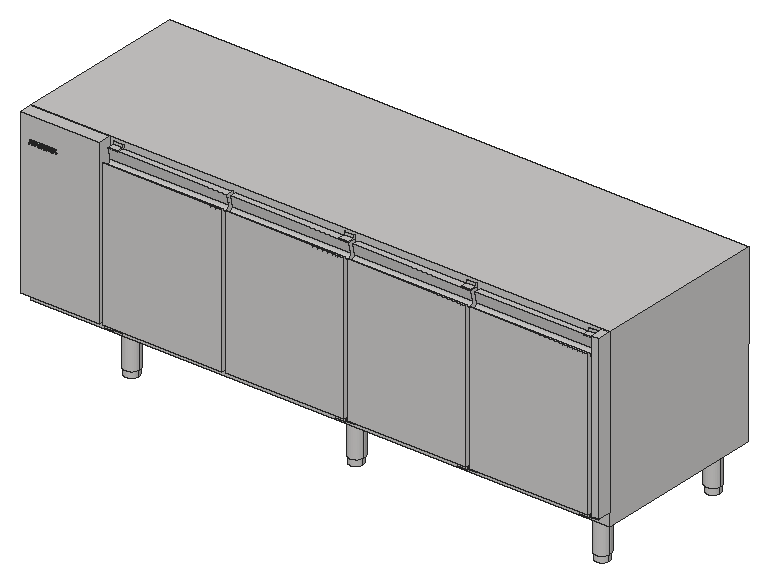
Revit family "QF_ALPENINOX_721160_AA4R7AAAA", category Attrezzature speciali, Revit 2018 (continued)
Definition of nested family "HP_APX_BI_TN_L"
  Lines and regions (mm)
    Split face 120
      outline origin (330, -951.3, 50) x (1, 0, 0) y (0, 1, 0)
        loop
          arc (-328.464, 657.474) -> (-332.464, 653.474) -> (-328.464, 649.474) r 4
          line (-328.464, 649.474) -> (-286.464, 649.474)
          arc (-286.464, 649.474) -> (-282.464, 653.474) -> (-286.464, 657.474) r 4
          line (-286.464, 657.474) -> (-328.464, 657.474)
    Split face 121
      outline origin (110, -951.3, 50) x (1, 0, 0) y (0, 1, 0)
        loop
          arc (-218.464, 657.474) -> (-222.464, 653.474) -> (-218.464, 649.474) r 4
          line (-218.464, 649.474) -> (-176.464, 649.474)
          arc (-176.464, 649.474) -> (-172.464, 653.474) -> (-176.464, 657.474) r 4
          line (-176.464, 657.474) -> (-218.464, 657.474)
    Split face 122
      outline origin (220, -951.3, 50) x (1, 0, 0) y (0, 1, 0)
        loop
          arc (-273.464, 657.474) -> (-277.464, 653.474) -> (-273.464, 649.474) r 4
          line (-273.464, 649.474) -> (-231.464, 649.474)
          arc (-231.464, 649.474) -> (-227.464, 653.474) -> (-231.464, 657.474) r 4
          line (-231.464, 657.474) -> (-273.464, 657.474)
    Split face 123
      outline origin (0, -975.3, 50) x (1, 0, 0) y (0, 1, 0)
        loop
          arc (-163.464, 669.474) -> (-167.464, 665.474) -> (-163.464, 661.474) r 4
          line (-163.464, 661.474) -> (-121.464, 661.474)
          arc (-121.464, 661.474) -> (-117.464, 665.474) -> (-121.464, 669.474) r 4
          line (-121.464, 669.474) -> (-163.464, 669.474)
    Split face 124
      outline origin (330, -975.3, 50) x (1, 0, 0) y (0, 1, 0)
        loop
          arc (-328.464, 669.474) -> (-332.464, 665.474) -> (-328.464, 661.474) r 4
          line (-328.464, 661.474) -> (-286.464, 661.474)
          arc (-286.464, 661.474) -> (-282.464, 665.474) -> (-286.464, 669.474) r 4
          line (-286.464, 669.474) -> (-328.464, 669.474)
    Split face 125
      outline origin (110, -975.3, 50) x (1, 0, 0) y (0, 1, 0)
        loop
          arc (-218.464, 669.474) -> (-222.464, 665.474) -> (-218.464, 661.474) r 4
          line (-218.464, 661.474) -> (-176.464, 661.474)
          arc (-176.464, 661.474) -> (-172.464, 665.474) -> (-176.464, 669.474) r 4
          line (-176.464, 669.474) -> (-218.464, 669.474)
    Split face 126
      outline origin (220, -975.3, 50) x (1, 0, 0) y (0, 1, 0)
        loop
          arc (-273.464, 669.474) -> (-277.464, 665.474) -> (-273.464, 661.474) r 4
          line (-273.464, 661.474) -> (-231.464, 661.474)
          arc (-231.464, 661.474) -> (-227.464, 665.474) -> (-231.464, 669.474) r 4
          line (-231.464, 669.474) -> (-273.464, 669.474)
    Split face 127
      outline origin (0, -999.3, 50) x (1, 0, 0) y (0, 1, 0)
        loop
          arc (-163.464, 681.474) -> (-167.464, 677.474) -> (-163.464, 673.474) r 4
          line (-163.464, 673.474) -> (-121.464, 673.474)
          arc (-121.464, 673.474) -> (-117.464, 677.474) -> (-121.464, 681.474) r 4
          line (-121.464, 681.474) -> (-163.464, 681.474)
    Split face 128
      outline origin (330, -999.3, 50) x (1, 0, 0) y (0, 1, 0)
        loop
          arc (-328.464, 681.474) -> (-332.464, 677.474) -> (-328.464, 673.474) r 4
          line (-328.464, 673.474) -> (-286.464, 673.474)
          arc (-286.464, 673.474) -> (-282.464, 677.474) -> (-286.464, 681.474) r 4
          line (-286.464, 681.474) -> (-328.464, 681.474)
    Split face 129
      outline origin (110, -999.3, 50) x (1, 0, 0) y (0, 1, 0)
        loop
          arc (-218.464, 681.474) -> (-222.464, 677.474) -> (-218.464, 673.474) r 4
          line (-218.464, 673.474) -> (-176.464, 673.474)
          arc (-176.464, 673.474) -> (-172.464, 677.474) -> (-176.464, 681.474) r 4
          line (-176.464, 681.474) -> (-218.464, 681.474)
    Split face 130
      outline origin (220, -999.3, 50) x (1, 0, 0) y (0, 1, 0)
        loop
          arc (-273.464, 681.474) -> (-277.464, 677.474) -> (-273.464, 673.474) r 4
          line (-273.464, 673.474) -> (-231.464, 673.474)
          arc (-231.464, 673.474) -> (-227.464, 677.474) -> (-231.464, 681.474) r 4
          line (-231.464, 681.474) -> (-273.464, 681.474)
    Split face 131
      outline origin (0, -1023.3, 50) x (1, 0, 0) y (0, 1, 0)
        loop
          arc (-163.464, 693.474) -> (-167.464, 689.474) -> (-163.464, 685.474) r 4
          line (-163.464, 685.474) -> (-121.464, 685.474)
          arc (-121.464, 685.474) -> (-117.464, 689.474) -> (-121.464, 693.474) r 4
          line (-121.464, 693.474) -> (-163.464, 693.474)
    Split face 132
      outline origin (330, -1023.3, 50) x (1, 0, 0) y (0, 1, 0)
        loop
          arc (-328.464, 693.474) -> (-332.464, 689.474) -> (-328.464, 685.474) r 4
          line (-328.464, 685.474) -> (-286.464, 685.474)
          arc (-286.464, 685.474) -> (-282.464, 689.474) -> (-286.464, 693.474) r 4
          line (-286.464, 693.474) -> (-328.464, 693.474)
    Split face 133
      outline origin (110, -1023.3, 50) x (1, 0, 0) y (0, 1, 0)
        loop
          arc (-218.464, 693.474) -> (-222.464, 689.474) -> (-218.464, 685.474) r 4
          line (-218.464, 685.474) -> (-176.464, 685.474)
          arc (-176.464, 685.474) -> (-172.464, 689.474) -> (-176.464, 693.474) r 4
          line (-176.464, 693.474) -> (-218.464, 693.474)
    Split face 134
      outline origin (220, -1023.3, 50) x (1, 0, 0) y (0, 1, 0)
        loop
          arc (-273.464, 693.474) -> (-277.464, 689.474) -> (-273.464, 685.474) r 4
          line (-273.464, 685.474) -> (-231.464, 685.474)
          arc (-231.464, 685.474) -> (-227.464, 689.474) -> (-231.464, 693.474) r 4
          line (-231.464, 693.474) -> (-273.464, 693.474)
    symbolic lines
      curve 1: line (87.08, -49, 50) -> (87.08, -49, 0)
  Dimensions and locks
    equal spacing: plane 6, plane 1 "Center (Front/Back)", plane 7
    equal spacing: plane 4, plane 3 "Center (Left/Right)", plane 5
    aligned and locked: plane 2 to Extrusion 1
    aligned and locked: level to Extrusion 1
  Automatic sketch dimensions
    Split face 5 sketch curve to Split face 5 sketch curve = 42 mm
    Split face 5 sketch curve to Split face 5 sketch curve = 4 mm
    Split face 6 sketch curve to Split face 6 sketch curve = 42 mm
    Split face 6 sketch curve to Split face 6 sketch curve = 4 mm
    Split face 7 sketch curve to Split face 7 sketch curve = 42 mm
    Split face 7 sketch curve to Split face 7 sketch curve = 4 mm
    Split face 8 sketch curve to Split face 8 sketch curve = 42 mm
    Split face 8 sketch curve to Split face 8 sketch curve = 4 mm
    Split face 9 sketch curve to Split face 9 sketch curve = 42 mm
    Split face 9 sketch curve to Split face 9 sketch curve = 4 mm
    Split face 10 sketch curve to Split face 10 sketch curve = 42 mm
    Split face 10 sketch curve to Split face 10 sketch curve = 4 mm
    Split face 11 sketch curve to Split face 11 sketch curve = 42 mm
    Split face 11 sketch curve to Split face 11 sketch curve = 4 mm
    Split face 12 sketch curve to Split face 12 sketch curve = 42 mm
    Split face 12 sketch curve to Split face 12 sketch curve = 4 mm
    Split face 13 sketch curve to Split face 13 sketch curve = 42 mm
    Split face 13 sketch curve to Split face 13 sketch curve = 4 mm
    Split face 14 sketch curve to Split face 14 sketch curve = 42 mm
    Split face 14 sketch curve to Split face 14 sketch curve = 4 mm
    Split face 15 sketch curve to Split face 15 sketch curve = 42 mm
    Split face 15 sketch curve to Split face 15 sketch curve = 4 mm
    Split face 16 sketch curve to Split face 16 sketch curve = 42 mm
    Split face 16 sketch curve to Split face 16 sketch curve = 4 mm
    Split face 17 sketch curve to Split face 17 sketch curve = 42 mm
    Split face 17 sketch curve to Split face 17 sketch curve = 4 mm
    Split face 18 sketch curve to Split face 18 sketch curve = 42 mm
    Split face 18 sketch curve to Split face 18 sketch curve = 4 mm
    Split face 19 sketch curve to Split face 19 sketch curve = 42 mm
    Split face 19 sketch curve to Split face 19 sketch curve = 4 mm
    Split face 20 sketch curve to Split face 20 sketch curve = 42 mm
    Split face 20 sketch curve to Split face 20 sketch curve = 4 mm
    Split face 21 sketch curve to Split face 21 sketch curve = 42 mm
    Split face 21 sketch curve to Split face 21 sketch curve = 4 mm
    Split face 22 sketch curve to Split face 22 sketch curve = 42 mm
    Split face 22 sketch curve to Split face 22 sketch curve = 4 mm
    Split face 23 sketch curve to Split face 23 sketch curve = 42 mm
    Split face 23 sketch curve to Split face 23 sketch curve = 4 mm
    Split face 24 sketch curve to Split face 24 sketch curve = 42 mm
    Split face 24 sketch curve to Split face 24 sketch curve = 4 mm
    Split face 25 sketch curve to Split face 25 sketch curve = 42 mm
    Split face 25 sketch curve to Split face 25 sketch curve = 4 mm
    Split face 26 sketch curve to Split face 26 sketch curve = 42 mm
    Split face 26 sketch curve to Split face 26 sketch curve = 4 mm
    Split face 27 sketch curve to Split face 27 sketch curve = 42 mm
    Split face 27 sketch curve to Split face 27 sketch curve = 4 mm
    Split face 28 sketch curve to Split face 28 sketch curve = 42 mm
    Split face 28 sketch curve to Split face 28 sketch curve = 4 mm
    Split face 29 sketch curve to Split face 29 sketch curve = 42 mm
    Split face 29 sketch curve to Split face 29 sketch curve = 4 mm
    Split face 30 sketch curve to Split face 30 sketch curve = 42 mm
    Split face 30 sketch curve to Split face 30 sketch curve = 4 mm
    Split face 31 sketch curve to Split face 31 sketch curve = 42 mm
    Split face 31 sketch curve to Split face 31 sketch curve = 4 mm
    Split face 32 sketch curve to Split face 32 sketch curve = 42 mm
    Split face 32 sketch curve to Split face 32 sketch curve = 4 mm
    Split face 33 sketch curve to Split face 33 sketch curve = 42 mm
    Split face 33 sketch curve to Split face 33 sketch curve = 4 mm
    Split face 34 sketch curve to Split face 34 sketch curve = 42 mm
    Split face 34 sketch curve to Split face 34 sketch curve = 4 mm
    Split face 35 sketch curve to Split face 35 sketch curve = 42 mm
    Split face 35 sketch curve to Split face 35 sketch curve = 4 mm
    Split face 36 sketch curve to Split face 36 sketch curve = 42 mm
    Split face 36 sketch curve to Split face 36 sketch curve = 4 mm
    Split face 37 sketch curve to Split face 37 sketch curve = 42 mm
    Split face 37 sketch curve to Split face 37 sketch curve = 4 mm
    Split face 38 sketch curve to Split face 38 sketch curve = 42 mm
    Split face 38 sketch curve to Split face 38 sketch curve = 4 mm
    Split face 39 sketch curve to Split face 39 sketch curve = 42 mm
    Split face 39 sketch curve to Split face 39 sketch curve = 4 mm
    Split face 40 sketch curve to Split face 40 sketch curve = 42 mm
    Split face 40 sketch curve to Split face 40 sketch curve = 4 mm
    Split face 41 sketch curve to Split face 41 sketch curve = 42 mm
    Split face 41 sketch curve to Split face 41 sketch curve = 4 mm
    Split face 42 sketch curve to Split face 42 sketch curve = 42 mm
    Split face 42 sketch curve to Split face 42 sketch curve = 4 mm
    Split face 43 sketch curve to Split face 43 sketch curve = 42 mm
    Split face 43 sketch curve to Split face 43 sketch curve = 4 mm
    Split face 44 sketch curve to Split face 44 sketch curve = 42 mm
    Split face 44 sketch curve to Split face 44 sketch curve = 4 mm
    Split face 45 sketch curve to Split face 45 sketch curve = 42 mm
    Split face 45 sketch curve to Split face 45 sketch curve = 4 mm
    Split face 46 sketch curve to Split face 46 sketch curve = 42 mm
    Split face 46 sketch curve to Split face 46 sketch curve = 4 mm
    Split face 47 sketch curve to Split face 47 sketch curve = 42 mm
    Split face 47 sketch curve to Split face 47 sketch curve = 4 mm
    Split face 48 sketch curve to Split face 48 sketch curve = 42 mm
    Split face 48 sketch curve to Split face 48 sketch curve = 4 mm
    Split face 49 sketch curve to Split face 49 sketch curve = 42 mm
    Split face 49 sketch curve to Split face 49 sketch curve = 4 mm
    Split face 50 sketch curve to Split face 50 sketch curve = 42 mm
    Split face 50 sketch curve to Split face 50 sketch curve = 4 mm
    Split face 51 sketch curve to Split face 51 sketch curve = 42 mm
    Split face 51 sketch curve to Split face 51 sketch curve = 4 mm
    Split face 52 sketch curve to Split face 52 sketch curve = 42 mm
    Split face 52 sketch curve to Split face 52 sketch curve = 4 mm
    Split face 53 sketch curve to Split face 53 sketch curve = 42 mm
    Split face 53 sketch curve to Split face 53 sketch curve = 4 mm
    Split face 54 sketch curve to Split face 54 sketch curve = 42 mm
    Split face 54 sketch curve to Split face 54 sketch curve = 4 mm
    Split face 55 sketch curve to Split face 55 sketch curve = 42 mm
    Split face 55 sketch curve to Split face 55 sketch curve = 4 mm
    Split face 56 sketch curve to Split face 56 sketch curve = 42 mm
    Split face 56 sketch curve to Split face 56 sketch curve = 4 mm
    Split face 57 sketch curve to Split face 57 sketch curve = 42 mm
    Split face 57 sketch curve to Split face 57 sketch curve = 4 mm
    Split face 58 sketch curve to Split face 58 sketch curve = 42 mm
    Split face 58 sketch curve to Split face 58 sketch curve = 4 mm
    Split face 59 sketch curve to Split face 59 sketch curve = 42 mm
    Split face 59 sketch curve to Split face 59 sketch curve = 4 mm
    Split face 60 sketch curve to Split face 60 sketch curve = 42 mm
    Split face 60 sketch curve to Split face 60 sketch curve = 4 mm
    Split face 61 sketch curve to Split face 61 sketch curve = 42 mm
    Split face 61 sketch curve to Split face 61 sketch curve = 4 mm
    Split face 62 sketch curve to Split face 62 sketch curve = 42 mm
    Split face 62 sketch curve to Split face 62 sketch curve = 4 mm
    Split face 63 sketch curve to Split face 63 sketch curve = 42 mm
    Split face 63 sketch curve to Split face 63 sketch curve = 4 mm
    Split face 64 sketch curve to Split face 64 sketch curve = 42 mm
    Split face 64 sketch curve to Split face 64 sketch curve = 4 mm
    Split face 65 sketch curve to Split face 65 sketch curve = 42 mm
    Split face 65 sketch curve to Split face 65 sketch curve = 4 mm
    Split face 66 sketch curve to Split face 66 sketch curve = 42 mm
    Split face 66 sketch curve to Split face 66 sketch curve = 4 mm
    Split face 67 sketch curve to Split face 67 sketch curve = 42 mm
    Split face 67 sketch curve to Split face 67 sketch curve = 4 mm
    Split face 68 sketch curve to Split face 68 sketch curve = 42 mm
    Split face 68 sketch curve to Split face 68 sketch curve = 4 mm
    Split face 69 sketch curve to Split face 69 sketch curve = 42 mm
    Split face 69 sketch curve to Split face 69 sketch curve = 4 mm
    Split face 71 sketch curve to Split face 71 sketch curve = 42 mm
    Split face 71 sketch curve to Split face 71 sketch curve = 4 mm
    Split face 72 sketch curve to Split face 72 sketch curve = 42 mm
    Split face 72 sketch curve to Split face 72 sketch curve = 4 mm
    Split face 73 sketch curve to Split face 73 sketch curve = 42 mm
    Split face 73 sketch curve to Split face 73 sketch curve = 4 mm
    Split face 74 sketch curve to Split face 74 sketch curve = 42 mm
    Split face 74 sketch curve to Split face 74 sketch curve = 4 mm
    Split face 75 sketch curve to Split face 75 sketch curve = 42 mm
    Split face 75 sketch curve to Split face 75 sketch curve = 4 mm
    Split face 76 sketch curve to Split face 76 sketch curve = 42 mm
    Split face 76 sketch curve to Split face 76 sketch curve = 4 mm
    Split face 77 sketch curve to Split face 77 sketch curve = 42 mm
    Split face 77 sketch curve to Split face 77 sketch curve = 4 mm
    Split face 78 sketch curve to Split face 78 sketch curve = 42 mm
    Split face 78 sketch curve to Split face 78 sketch curve = 4 mm
    Split face 79 sketch curve to Split face 79 sketch curve = 42 mm
    Split face 79 sketch curve to Split face 79 sketch curve = 4 mm
    Split face 80 sketch curve to Split face 80 sketch curve = 42 mm
    Split face 80 sketch curve to Split face 80 sketch curve = 4 mm
    Split face 81 sketch curve to Split face 81 sketch curve = 42 mm
    Split face 81 sketch curve to Split face 81 sketch curve = 4 mm
    Split face 82 sketch curve to Split face 82 sketch curve = 42 mm
    Split face 82 sketch curve to Split face 82 sketch curve = 4 mm
    Split face 83 sketch curve to Split face 83 sketch curve = 42 mm
    Split face 83 sketch curve to Split face 83 sketch curve = 4 mm
    Split face 84 sketch curve to Split face 84 sketch curve = 42 mm
    Split face 84 sketch curve to Split face 84 sketch curve = 4 mm
    Split face 85 sketch curve to Split face 85 sketch curve = 42 mm
    Split face 85 sketch curve to Split face 85 sketch curve = 4 mm
    Split face 86 sketch curve to Split face 86 sketch curve = 42 mm
    Split face 86 sketch curve to Split face 86 sketch curve = 4 mm
    Split face 87 sketch curve to Split face 87 sketch curve = 42 mm
    Split face 87 sketch curve to Split face 87 sketch curve = 4 mm
    Split face 88 sketch curve to Split face 88 sketch curve = 42 mm
    Split face 88 sketch curve to Split face 88 sketch curve = 4 mm
    Split face 89 sketch curve to Split face 89 sketch curve = 42 mm
    Split face 89 sketch curve to Split face 89 sketch curve = 4 mm
    Split face 90 sketch curve to Split face 90 sketch curve = 42 mm
    Split face 90 sketch curve to Split face 90 sketch curve = 4 mm
    Split face 91 sketch curve to Split face 91 sketch curve = 42 mm
    Split face 91 sketch curve to Split face 91 sketch curve = 4 mm
    Split face 92 sketch curve to Split face 92 sketch curve = 42 mm
    Split face 92 sketch curve to Split face 92 sketch curve = 4 mm
    Split face 93 sketch curve to Split face 93 sketch curve = 42 mm
    Split face 93 sketch curve to Split face 93 sketch curve = 4 mm
    Split face 94 sketch curve to Split face 94 sketch curve = 42 mm
    Split face 94 sketch curve to Split face 94 sketch curve = 4 mm
    Split face 95 sketch curve to Split face 95 sketch curve = 42 mm
    Split face 95 sketch curve to Split face 95 sketch curve = 4 mm
    Split face 96 sketch curve to Split face 96 sketch curve = 42 mm
    Split face 96 sketch curve to Split face 96 sketch curve = 4 mm
    Split face 97 sketch curve to Split face 97 sketch curve = 42 mm
    Split face 97 sketch curve to Split face 97 sketch curve = 4 mm
    Split face 98 sketch curve to Split face 98 sketch curve = 42 mm
    Split face 98 sketch curve to Split face 98 sketch curve = 4 mm
    Split face 99 sketch curve to Split face 99 sketch curve = 42 mm
    Split face 99 sketch curve to Split face 99 sketch curve = 4 mm
    Split face 100 sketch curve to Split face 100 sketch curve = 42 mm
    Split face 100 sketch curve to Split face 100 sketch curve = 4 mm
    Split face 101 sketch curve to Split face 101 sketch curve = 42 mm
    Split face 101 sketch curve to Split face 101 sketch curve = 4 mm
    Split face 102 sketch curve to Split face 102 sketch curve = 42 mm
    Split face 102 sketch curve to Split face 102 sketch curve = 4 mm
    Split face 103 sketch curve to Split face 103 sketch curve = 42 mm
    Split face 103 sketch curve to Split face 103 sketch curve = 4 mm
    Split face 104 sketch curve to Split face 104 sketch curve = 42 mm
    Split face 104 sketch curve to Split face 104 sketch curve = 4 mm
    Split face 105 sketch curve to Split face 105 sketch curve = 42 mm
    Split face 105 sketch curve to Split face 105 sketch curve = 4 mm
    Split face 106 sketch curve to Split face 106 sketch curve = 42 mm
    Split face 106 sketch curve to Split face 106 sketch curve = 4 mm
    Split face 107 sketch curve to Split face 107 sketch curve = 42 mm
    Split face 107 sketch curve to Split face 107 sketch curve = 4 mm
    Split face 108 sketch curve to Split face 108 sketch curve = 42 mm
    Split face 108 sketch curve to Split face 108 sketch curve = 4 mm
    Split face 109 sketch curve to Split face 109 sketch curve = 42 mm
    Split face 109 sketch curve to Split face 109 sketch curve = 4 mm
    Split face 110 sketch curve to Split face 110 sketch curve = 42 mm
    Split face 110 sketch curve to Split face 110 sketch curve = 4 mm
    Split face 111 sketch curve to Split face 111 sketch curve = 42 mm
    Split face 111 sketch curve to Split face 111 sketch curve = 4 mm
    Split face 112 sketch curve to Split face 112 sketch curve = 42 mm
    Split face 112 sketch curve to Split face 112 sketch curve = 4 mm
    Split face 113 sketch curve to Split face 113 sketch curve = 42 mm
    Split face 113 sketch curve to Split face 113 sketch curve = 4 mm
    Split face 114 sketch curve to Split face 114 sketch curve = 42 mm
    Split face 114 sketch curve to Split face 114 sketch curve = 4 mm
    Split face 115 sketch curve to Split face 115 sketch curve = 42 mm
    Split face 115 sketch curve to Split face 115 sketch curve = 4 mm
    Split face 116 sketch curve to Split face 116 sketch curve = 42 mm
    Split face 116 sketch curve to Split face 116 sketch curve = 4 mm
    Split face 117 sketch curve to Split face 117 sketch curve = 42 mm
    Split face 117 sketch curve to Split face 117 sketch curve = 4 mm
    Split face 118 sketch curve to Split face 118 sketch curve = 42 mm
    Split face 118 sketch curve to Split face 118 sketch curve = 4 mm
    Split face 119 sketch curve to Split face 119 sketch curve = 42 mm
    Split face 119 sketch curve to Split face 119 sketch curve = 4 mm
    Split face 120 sketch curve to Split face 120 sketch curve = 42 mm
    Split face 120 sketch curve to Split face 120 sketch curve = 4 mm
    Split face 121 sketch curve to Split face 121 sketch curve = 42 mm
    Split face 121 sketch curve to Split face 121 sketch curve = 4 mm
    Split face 122 sketch curve to Split face 122 sketch curve = 42 mm
    Split face 122 sketch curve to Split face 122 sketch curve = 4 mm
    Split face 123 sketch curve to Split face 123 sketch curve = 42 mm
    Split face 123 sketch curve to Split face 123 sketch curve = 4 mm
    Split face 124 sketch curve to Split face 124 sketch curve = 42 mm
    Split face 124 sketch curve to Split face 124 sketch curve = 4 mm
    Split face 125 sketch curve to Split face 125 sketch curve = 42 mm
    Split face 125 sketch curve to Split face 125 sketch curve = 4 mm
    Split face 126 sketch curve to Split face 126 sketch curve = 42 mm
    Split face 126 sketch curve to Split face 126 sketch curve = 4 mm
    Split face 127 sketch curve to Split face 127 sketch curve = 42 mm
    Split face 127 sketch curve to Split face 127 sketch curve = 4 mm
    Split face 128 sketch curve to Split face 128 sketch curve = 42 mm
    Split face 128 sketch curve to Split face 128 sketch curve = 4 mm
    Split face 129 sketch curve to Split face 129 sketch curve = 42 mm
    Split face 129 sketch curve to Split face 129 sketch curve = 4 mm
    Split face 130 sketch curve to Split face 130 sketch curve = 42 mm
    Split face 130 sketch curve to Split face 130 sketch curve = 4 mm
    Split face 131 sketch curve to Split face 131 sketch curve = 42 mm
    Split face 131 sketch curve to Split face 131 sketch curve = 4 mm
    Split face 132 sketch curve to Split face 132 sketch curve = 42 mm
    Split face 132 sketch curve to Split face 132 sketch curve = 4 mm
    Split face 133 sketch curve to Split face 133 sketch curve = 42 mm
    Split face 133 sketch curve to Split face 133 sketch curve = 4 mm
    Split face 134 sketch curve to Split face 134 sketch curve = 42 mm
    Split face 134 sketch curve to Split face 134 sketch curve = 4 mm
    Extrusion 1 sketch curve to Extrusion 1 sketch curve = 2438.4 mm  (x2)
    Extrusion 2 sketch curve to plane 4 = 0 mm
    Extrusion 2 sketch curve to plane 5 = 0 mm
    Extrusion 2 sketch curve to plane 7 = 0 mm
    Extrusion 2 sketch curve to plane 6 = 0 mm
    Split face 1 sketch curve to Extrusion 2 = 0 mm  (x2)
    Split face 1 sketch curve to Extrusion 2 = 34 mm
    Split face 1 sketch curve to Extrusion 2 = 104 mm
    Split face 1 sketch curve to Split face 1 sketch curve = 17.5 mm
    Split face 2 sketch curve to Extrusion 2 = 130.5 mm
    Split face 2 sketch curve to Extrusion 2 = 60.5 mm
    Split face 2 sketch curve to Extrusion 2 = 98 mm
    Split face 2 sketch curve to Split face 2 sketch curve = 23 mm
    Split face 3 sketch curve to Extrusion 2 = 80.5 mm
    Split face 3 sketch curve to Split face 3 sketch curve = 17 mm  (x2)
    Split face 3 sketch curve to Extrusion 2 = 95 mm
    plane 4 to Extrusion 3 sketch curve = 34.51 mm
    Extrusion 3 sketch curve to Extrusion 3 sketch curve = 1.266 mm
    Extrusion 3 sketch curve to Extrusion 3 sketch curve = 1.307 mm
    Extrusion 3 sketch curve to Extrusion 3 sketch curve = 0.57 mm
    Extrusion 3 sketch curve to Extrusion 3 sketch curve = 0.593 mm
    Extrusion 3 sketch curve to Extrusion 3 sketch curve = 0.799 mm
    Extrusion 3 sketch curve to Extrusion 3 sketch curve = 1.99 mm  (x2)
    Extrusion 3 sketch curve to Extrusion 3 sketch curve = 0.003 mm
    Extrusion 3 sketch curve to Extrusion 3 sketch curve = 3.534 mm
    Extrusion 3 sketch curve to Extrusion 3 sketch curve = 0.835 mm
    Extrusion 3 sketch curve to Extrusion 3 sketch curve = 0.56 mm
    Extrusion 3 sketch curve to Extrusion 3 sketch curve = 1.268 mm
    Extrusion 3 sketch curve to Extrusion 3 sketch curve = 1.223 mm
    Extrusion 3 sketch curve to Extrusion 3 sketch curve = 1.344 mm
    Extrusion 3 sketch curve to Extrusion 3 sketch curve = 1.394 mm  (x2)
    Extrusion 3 sketch curve to Extrusion 3 sketch curve = 1.512 mm
    Extrusion 3 sketch curve to Extrusion 3 sketch curve = 3.309 mm
    Extrusion 3 sketch curve to Extrusion 3 sketch curve = 5.841 mm
    Extrusion 3 sketch curve to Extrusion 3 sketch curve = 1.393 mm
    Extrusion 3 sketch curve to Extrusion 3 sketch curve = 1.439 mm
    Extrusion 3 sketch curve to Extrusion 3 sketch curve = 0 mm  (x19)
    Extrusion 3 sketch curve to Extrusion 3 sketch curve = 1.902 mm
    Extrusion 3 sketch curve to Extrusion 3 sketch curve = 0.052 mm
    Extrusion 3 sketch curve to Extrusion 3 sketch curve = 2.065 mm
    Extrusion 3 sketch curve to Extrusion 3 sketch curve = 0.647 mm
    Extrusion 3 sketch curve to Extrusion 3 sketch curve = 8.079 mm
    Extrusion 3 sketch curve to Extrusion 3 sketch curve = 0.073 mm
    Extrusion 3 sketch curve to Extrusion 3 sketch curve = 2.145 mm
    Extrusion 3 sketch curve to Extrusion 3 sketch curve = 2.931 mm
    Extrusion 3 sketch curve to Extrusion 3 sketch curve = 0.213 mm
    Extrusion 3 sketch curve to Extrusion 3 sketch curve = 0.026 mm
    Extrusion 3 sketch curve to Extrusion 3 sketch curve = 0.263 mm
    Extrusion 3 sketch curve to Extrusion 3 sketch curve = 0.516 mm
    Extrusion 3 sketch curve to Extrusion 3 sketch curve = 0.356 mm
    Extrusion 3 sketch curve to Extrusion 3 sketch curve = 0.387 mm
    Extrusion 3 sketch curve to Extrusion 3 sketch curve = 2.378 mm
    Extrusion 3 sketch curve to Extrusion 3 sketch curve = 2.466 mm
    Extrusion 3 sketch curve to Extrusion 3 sketch curve = 0.602 mm
    Extrusion 3 sketch curve to Extrusion 3 sketch curve = 1.02 mm
    Extrusion 3 sketch curve to Extrusion 3 sketch curve = 0.949 mm
    Extrusion 3 sketch curve to Extrusion 3 sketch curve = 1.728 mm
    Extrusion 3 sketch curve to Extrusion 3 sketch curve = 0.157 mm  (x2)
    Extrusion 3 sketch curve to Extrusion 3 sketch curve = 0.292 mm
    Extrusion 3 sketch curve to Extrusion 3 sketch curve = 3.565 mm
    Extrusion 3 sketch curve to Extrusion 3 sketch curve = 1.396 mm  (x2)
    Extrusion 3 sketch curve to Extrusion 3 sketch curve = 1.418 mm  (x2)
    Extrusion 3 sketch curve to Extrusion 3 sketch curve = 1.151 mm  (x2)
    Extrusion 3 sketch curve to Extrusion 3 sketch curve = 5.709 mm  (x2)
    Extrusion 3 sketch curve to Extrusion 3 sketch curve = 0.224 mm  (x2)
    Extrusion 3 sketch curve to Extrusion 3 sketch curve = 1.149 mm  (x2)
    Extrusion 3 sketch curve to Extrusion 3 sketch curve = 1.395 mm  (x2)
    Extrusion 3 sketch curve to Extrusion 3 sketch curve = 1.744 mm
    Extrusion 3 sketch curve to Extrusion 3 sketch curve = 1.745 mm
    Extrusion 3 sketch curve to Extrusion 3 sketch curve = 6.963 mm
    Extrusion 3 sketch curve to Extrusion 3 sketch curve = 0.493 mm  (x3)
    Extrusion 3 sketch curve to Extrusion 3 sketch curve = 0.273 mm  (x2)
    Extrusion 3 sketch curve to Extrusion 3 sketch curve = 0.021 mm  (x2)
    Extrusion 3 sketch curve to Extrusion 3 sketch curve = 0.226 mm  (x2)
    Extrusion 3 sketch curve to Extrusion 3 sketch curve = 0.268 mm  (x2)
    Extrusion 3 sketch curve to Extrusion 3 sketch curve = 0.294 mm
    Extrusion 3 sketch curve to Extrusion 3 sketch curve = 5.238 mm
    Extrusion 3 sketch curve to Extrusion 3 sketch curve = 5.908 mm
    Extrusion 3 sketch curve to Extrusion 3 sketch curve = 1.109 mm  (x2)
    Extrusion 3 sketch curve to Extrusion 3 sketch curve = 1.108 mm  (x2)
    Extrusion 3 sketch curve to Extrusion 3 sketch curve = 1.142 mm  (x2)
    Extrusion 3 sketch curve to Extrusion 3 sketch curve = 1.216 mm  (x2)
    Extrusion 3 sketch curve to Extrusion 3 sketch curve = 3.013 mm
    Extrusion 3 sketch curve to Extrusion 3 sketch curve = 1.616 mm  (x3)
    Extrusion 3 sketch curve to Extrusion 3 sketch curve = 2.305 mm
    Extrusion 3 sketch curve to Extrusion 3 sketch curve = 3.049 mm
    Extrusion 3 sketch curve to plane 6 = 93.469 mm
    Extrusion 3 sketch curve to Extrusion 3 sketch curve = 0.498 mm
    Extrusion 3 sketch curve to Extrusion 3 sketch curve = 0.682 mm
    Extrusion 3 sketch curve to Extrusion 3 sketch curve = 0.664 mm
    Extrusion 3 sketch curve to Extrusion 3 sketch curve = 0.425 mm
    Extrusion 3 sketch curve to Extrusion 3 sketch curve = 0.41 mm
    Extrusion 3 sketch curve to Extrusion 3 sketch curve = 1.272 mm
    Extrusion 3 sketch curve to Extrusion 3 sketch curve = 0.789 mm  (x2)
    Extrusion 3 sketch curve to Extrusion 3 sketch curve = 0.056 mm
    Extrusion 3 sketch curve to Extrusion 3 sketch curve = 0.83 mm
    Extrusion 3 sketch curve to Extrusion 3 sketch curve = 1.238 mm
    Extrusion 3 sketch curve to Extrusion 3 sketch curve = 1.732 mm
    Extrusion 3 sketch curve to Extrusion 3 sketch curve = 0.346 mm
    Extrusion 3 sketch curve to Extrusion 3 sketch curve = 1.123 mm
    Extrusion 3 sketch curve to Extrusion 3 sketch curve = 3.023 mm
    Extrusion 3 sketch curve to Extrusion 3 sketch curve = 4.203 mm
    Extrusion 3 sketch curve to Extrusion 3 sketch curve = 3.452 mm  (x2)
    Extrusion 3 sketch curve to Extrusion 3 sketch curve = 2.544 mm
    Extrusion 3 sketch curve to Extrusion 3 sketch curve = 1.177 mm
    Extrusion 3 sketch curve to Extrusion 3 sketch curve = 3.261 mm
    Extrusion 3 sketch curve to Extrusion 3 sketch curve = 0.352 mm  (x2)
    Extrusion 3 sketch curve to Extrusion 3 sketch curve = 1.987 mm
    Extrusion 3 sketch curve to Extrusion 3 sketch curve = 0.171 mm
    Extrusion 3 sketch curve to Extrusion 3 sketch curve = 0.533 mm  (x3)
    Extrusion 3 sketch curve to Extrusion 3 sketch curve = 0.14 mm  (x4)
    Extrusion 3 sketch curve to Extrusion 3 sketch curve = 0.473 mm
    Extrusion 3 sketch curve to Extrusion 3 sketch curve = 0.31 mm  (x2)
    Extrusion 3 sketch curve to Extrusion 3 sketch curve = 0.075 mm
    Extrusion 3 sketch curve to Extrusion 3 sketch curve = 2.431 mm
    Extrusion 3 sketch curve to Extrusion 3 sketch curve = 2.32 mm  (x2)
    Extrusion 3 sketch curve to Extrusion 3 sketch curve = 1.992 mm
    Extrusion 3 sketch curve to Extrusion 3 sketch curve = 0.674 mm
    Extrusion 3 sketch curve to Extrusion 3 sketch curve = 0.732 mm
    Extrusion 3 sketch curve to Extrusion 3 sketch curve = 0.388 mm
    Extrusion 3 sketch curve to Extrusion 3 sketch curve = 0.121 mm
    Extrusion 3 sketch curve to Extrusion 3 sketch curve = 2.589 mm
    Extrusion 3 sketch curve to Extrusion 3 sketch curve = 0.662 mm
    Extrusion 3 sketch curve to Extrusion 3 sketch curve = 3.473 mm
    Extrusion 3 sketch curve to Extrusion 3 sketch curve = 0.681 mm
    Extrusion 3 sketch curve to Extrusion 3 sketch curve = 1.615 mm
    Extrusion 3 sketch curve to Extrusion 3 sketch curve = 0.34 mm
    Extrusion 3 sketch curve to Extrusion 3 sketch curve = 2.288 mm
    Extrusion 3 sketch curve to Extrusion 3 sketch curve = 0.942 mm
    Extrusion 3 sketch curve to Extrusion 3 sketch curve = 5.4 mm
    Extrusion 3 sketch curve to Extrusion 3 sketch curve = 1.768 mm  (x2)
    Extrusion 3 sketch curve to Extrusion 3 sketch curve = 0.761 mm
    Extrusion 3 sketch curve to Extrusion 3 sketch curve = 0.996 mm
    Extrusion 3 sketch curve to Extrusion 3 sketch curve = 3.543 mm  (x2)
    Extrusion 3 sketch curve to Extrusion 3 sketch curve = 7.017 mm
    Extrusion 3 sketch curve to Extrusion 3 sketch curve = 0.11 mm
    Extrusion 3 sketch curve to Extrusion 3 sketch curve = 0.823 mm  (x2)
    Extrusion 3 sketch curve to Extrusion 3 sketch curve = 0.947 mm
    Extrusion 3 sketch curve to Extrusion 3 sketch curve = 3.837 mm
    Extrusion 3 sketch curve to Extrusion 3 sketch curve = 0.623 mm
    Extrusion 3 sketch curve to Extrusion 3 sketch curve = 1.082 mm
    Extrusion 3 sketch curve to Extrusion 3 sketch curve = 0.801 mm
    Extrusion 3 sketch curve to Extrusion 3 sketch curve = 1 mm
    Extrusion 3 sketch curve to Extrusion 3 sketch curve = 0.089 mm
    Extrusion 3 sketch curve to Extrusion 3 sketch curve = 4.257 mm
    Extrusion 3 sketch curve to Extrusion 3 sketch curve = 4.345 mm  (x2)
    Extrusion 3 sketch curve to Extrusion 3 sketch curve = 2.576 mm
    Extrusion 3 sketch curve to Extrusion 3 sketch curve = 1.385 mm  (x4)
    Extrusion 3 sketch curve to Extrusion 3 sketch curve = 2.133 mm  (x4)
    Extrusion 3 sketch curve to Extrusion 3 sketch curve = 3.518 mm
    Extrusion 3 sketch curve to Extrusion 3 sketch curve = 5.603 mm
    Extrusion 3 sketch curve to Extrusion 3 sketch curve = 2.571 mm
    Split face 4 sketch curve to Extrusion 2 = 0 mm  (x2)
    Split face 4 sketch curve to Extrusion 2 = 64 mm
    Extrusion 4 sketch curve to Extrusion 4 sketch curve = 294 mm
    Extrusion 4 sketch curve to Extrusion 4 sketch curve = 652 mm
    Split face 70 sketch curve to Extrusion 2 = 0 mm  (x2)
    Split face 70 sketch curve to Extrusion 2 = 109 mm
    Split face 5 sketch curve to Extrusion 2 = 43.456 mm
    Split face 5 sketch curve to Extrusion 2 = 128.176 mm
    Split face 6 sketch curve to Extrusion 2 = 85.544 mm
    Split face 6 sketch curve to Extrusion 2 = 128.176 mm
    Split face 7 sketch curve to Extrusion 2 = 98.456 mm
    Split face 7 sketch curve to Extrusion 2 = 128.176 mm
    Split face 8 sketch curve to Extrusion 2 = 140.544 mm
    Split face 8 sketch curve to Extrusion 2 = 128.176 mm
    Split face 10 sketch curve to Extrusion 2 = 43.456 mm
    Split face 10 sketch curve to Extrusion 2 = 140.176 mm
    Split face 11 sketch curve to Extrusion 2 = 85.544 mm
    Split face 11 sketch curve to Extrusion 2 = 140.176 mm
    Split face 12 sketch curve to Extrusion 2 = 98.456 mm
    Split face 12 sketch curve to Extrusion 2 = 140.176 mm
    Split face 13 sketch curve to Extrusion 2 = 140.544 mm
    Split face 13 sketch curve to Extrusion 2 = 140.176 mm
    Split face 14 sketch curve to Extrusion 2 = 43.456 mm
    Split face 14 sketch curve to Extrusion 2 = 152.176 mm
    Split face 15 sketch curve to Extrusion 2 = 85.544 mm
    Split face 15 sketch curve to Extrusion 2 = 152.176 mm
    Split face 16 sketch curve to Extrusion 2 = 98.456 mm
    Split face 16 sketch curve to Extrusion 2 = 152.176 mm
    Split face 17 sketch curve to Extrusion 2 = 140.544 mm
    Split face 17 sketch curve to Extrusion 2 = 152.176 mm
    Split face 18 sketch curve to Extrusion 2 = 43.456 mm
    Split face 18 sketch curve to Extrusion 2 = 164.176 mm
    Split face 19 sketch curve to Extrusion 2 = 85.544 mm
    Split face 19 sketch curve to Extrusion 2 = 164.176 mm
    Split face 20 sketch curve to Extrusion 2 = 98.456 mm
    Split face 20 sketch curve to Extrusion 2 = 164.176 mm
    Split face 21 sketch curve to Extrusion 2 = 140.544 mm
    Split face 21 sketch curve to Extrusion 2 = 164.176 mm
    Split face 22 sketch curve to Extrusion 2 = 43.456 mm
    Split face 22 sketch curve to Extrusion 2 = 176.176 mm
    Split face 23 sketch curve to Extrusion 2 = 85.544 mm
    Split face 23 sketch curve to Extrusion 2 = 176.176 mm
    Split face 24 sketch curve to Extrusion 2 = 98.456 mm
    Split face 24 sketch curve to Extrusion 2 = 176.176 mm
    Split face 25 sketch curve to Extrusion 2 = 140.544 mm
    Split face 25 sketch curve to Extrusion 2 = 176.176 mm
    Split face 26 sketch curve to Extrusion 2 = 43.456 mm
    Split face 26 sketch curve to Extrusion 2 = 188.176 mm
    Split face 27 sketch curve to Extrusion 2 = 85.544 mm
    Split face 27 sketch curve to Extrusion 2 = 188.176 mm
    Split face 28 sketch curve to Extrusion 2 = 98.456 mm
    Split face 28 sketch curve to Extrusion 2 = 188.176 mm
    Split face 29 sketch curve to Extrusion 2 = 140.544 mm
    Split face 29 sketch curve to Extrusion 2 = 188.176 mm
    Split face 30 sketch curve to Extrusion 2 = 43.456 mm
    Split face 30 sketch curve to Extrusion 2 = 200.176 mm
    Split face 31 sketch curve to Extrusion 2 = 85.544 mm
    Split face 31 sketch curve to Extrusion 2 = 200.176 mm
    Split face 32 sketch curve to Extrusion 2 = 98.456 mm
    Split face 32 sketch curve to Extrusion 2 = 200.176 mm
    Split face 33 sketch curve to Extrusion 2 = 140.544 mm
    Split face 33 sketch curve to Extrusion 2 = 200.176 mm
    Split face 34 sketch curve to Extrusion 2 = 43.456 mm
    Split face 34 sketch curve to Extrusion 2 = 212.176 mm
    Split face 35 sketch curve to Extrusion 2 = 85.544 mm
    Split face 35 sketch curve to Extrusion 2 = 212.176 mm
    Split face 36 sketch curve to Extrusion 2 = 98.456 mm
    Split face 36 sketch curve to Extrusion 2 = 212.176 mm
    Split face 37 sketch curve to Extrusion 2 = 140.544 mm
    Split face 37 sketch curve to Extrusion 2 = 212.176 mm
    Split face 38 sketch curve to Extrusion 2 = 43.456 mm
    Split face 38 sketch curve to Extrusion 2 = 224.176 mm
    Split face 39 sketch curve to Extrusion 2 = 85.544 mm
    Split face 39 sketch curve to Extrusion 2 = 224.176 mm
    Split face 40 sketch curve to Extrusion 2 = 98.456 mm
    Split face 40 sketch curve to Extrusion 2 = 224.176 mm
    Split face 41 sketch curve to Extrusion 2 = 140.544 mm
    Split face 41 sketch curve to Extrusion 2 = 224.176 mm
    Split face 42 sketch curve to Extrusion 2 = 43.456 mm
    Split face 42 sketch curve to Extrusion 2 = 236.176 mm
    Split face 43 sketch curve to Extrusion 2 = 85.544 mm
    Split face 43 sketch curve to Extrusion 2 = 236.176 mm
    Split face 44 sketch curve to Extrusion 2 = 98.456 mm
    Split face 44 sketch curve to Extrusion 2 = 236.176 mm
    Split face 45 sketch curve to Extrusion 2 = 140.544 mm
    Split face 45 sketch curve to Extrusion 2 = 236.176 mm
    Split face 46 sketch curve to Extrusion 2 = 43.456 mm
    Split face 46 sketch curve to Extrusion 2 = 248.176 mm
    Split face 47 sketch curve to Extrusion 2 = 85.544 mm
    Split face 47 sketch curve to Extrusion 2 = 248.176 mm
    Split face 48 sketch curve to Extrusion 2 = 98.456 mm
    Split face 48 sketch curve to Extrusion 2 = 248.176 mm
    Split face 49 sketch curve to Extrusion 2 = 140.544 mm
    Split face 49 sketch curve to Extrusion 2 = 248.176 mm
    Split face 50 sketch curve to Extrusion 2 = 43.456 mm
    Split face 50 sketch curve to Extrusion 2 = 260.176 mm
    Split face 51 sketch curve to Extrusion 2 = 85.544 mm
    Split face 51 sketch curve to Extrusion 2 = 260.176 mm
    Split face 52 sketch curve to Extrusion 2 = 98.456 mm
    Split face 52 sketch curve to Extrusion 2 = 260.176 mm
    Split face 53 sketch curve to Extrusion 2 = 140.544 mm
    Split face 53 sketch curve to Extrusion 2 = 260.176 mm
    Split face 54 sketch curve to Extrusion 2 = 43.456 mm
    Split face 54 sketch curve to Extrusion 2 = 272.176 mm
    Split face 55 sketch curve to Extrusion 2 = 85.544 mm
    Split face 55 sketch curve to Extrusion 2 = 272.176 mm
    Split face 56 sketch curve to Extrusion 2 = 98.456 mm
    Split face 56 sketch curve to Extrusion 2 = 272.176 mm
    Split face 57 sketch curve to Extrusion 2 = 140.544 mm
    Split face 57 sketch curve to Extrusion 2 = 272.176 mm
    Split face 58 sketch curve to Extrusion 2 = 43.456 mm
    Split face 58 sketch curve to Extrusion 2 = 284.176 mm
    Split face 59 sketch curve to Extrusion 2 = 85.544 mm
    Split face 59 sketch curve to Extrusion 2 = 284.176 mm
    Split face 60 sketch curve to Extrusion 2 = 98.456 mm
    Split face 60 sketch curve to Extrusion 2 = 284.176 mm
    Split face 61 sketch curve to Extrusion 2 = 140.544 mm
    Split face 61 sketch curve to Extrusion 2 = 284.176 mm
    Split face 62 sketch curve to Extrusion 2 = 43.456 mm
    Split face 62 sketch curve to Extrusion 2 = 296.176 mm
    Split face 63 sketch curve to Extrusion 2 = 85.544 mm
    Split face 63 sketch curve to Extrusion 2 = 296.176 mm
    Split face 64 sketch curve to Extrusion 2 = 98.456 mm
    Split face 64 sketch curve to Extrusion 2 = 296.176 mm
    Split face 65 sketch curve to Extrusion 2 = 140.544 mm
    Split face 65 sketch curve to Extrusion 2 = 296.176 mm
    Split face 66 sketch curve to Extrusion 2 = 43.456 mm
    Split face 66 sketch curve to Extrusion 2 = 308.176 mm
    Split face 67 sketch curve to Extrusion 2 = 85.544 mm
    Split face 67 sketch curve to Extrusion 2 = 308.176 mm
    Split face 68 sketch curve to Extrusion 2 = 98.456 mm
    Split face 68 sketch curve to Extrusion 2 = 308.176 mm
    Split face 69 sketch curve to Extrusion 2 = 140.544 mm
    Split face 69 sketch curve to Extrusion 2 = 308.176 mm
    Split face 71 sketch curve to Extrusion 2 = 43.456 mm
    Split face 71 sketch curve to Extrusion 2 = 192.174 mm
    Split face 72 sketch curve to Extrusion 2 = 85.544 mm
    Split face 72 sketch curve to Extrusion 2 = 192.174 mm
    Split face 73 sketch curve to Extrusion 2 = 98.456 mm
    Split face 73 sketch curve to Extrusion 2 = 192.174 mm
    Split face 74 sketch curve to Extrusion 2 = 140.544 mm
    Split face 74 sketch curve to Extrusion 2 = 192.174 mm
    Split face 75 sketch curve to Extrusion 2 = 43.456 mm
    Split face 75 sketch curve to Extrusion 2 = 180.174 mm
    Split face 76 sketch curve to Extrusion 2 = 85.544 mm
    Split face 76 sketch curve to Extrusion 2 = 180.174 mm
    Split face 77 sketch curve to Extrusion 2 = 98.456 mm
    Split face 77 sketch curve to Extrusion 2 = 180.174 mm
    Split face 78 sketch curve to Extrusion 2 = 140.544 mm
    Split face 78 sketch curve to Extrusion 2 = 180.174 mm
    Split face 79 sketch curve to Extrusion 2 = 43.456 mm
    Split face 79 sketch curve to Extrusion 2 = 168.174 mm
    Split face 80 sketch curve to Extrusion 2 = 85.544 mm
    Split face 80 sketch curve to Extrusion 2 = 168.174 mm
    Split face 81 sketch curve to Extrusion 2 = 98.456 mm
    Split face 81 sketch curve to Extrusion 2 = 168.174 mm
    Split face 82 sketch curve to Extrusion 2 = 140.544 mm
    Split face 82 sketch curve to Extrusion 2 = 168.174 mm
    Split face 83 sketch curve to Extrusion 2 = 43.456 mm
    Split face 83 sketch curve to Extrusion 2 = 156.174 mm
    Split face 84 sketch curve to Extrusion 2 = 85.544 mm
    Split face 84 sketch curve to Extrusion 2 = 156.174 mm
    Split face 85 sketch curve to Extrusion 2 = 98.456 mm
    Split face 85 sketch curve to Extrusion 2 = 156.174 mm
    Split face 86 sketch curve to Extrusion 2 = 140.544 mm
    Split face 86 sketch curve to Extrusion 2 = 156.174 mm
    Split face 87 sketch curve to Extrusion 2 = 43.456 mm
    Split face 87 sketch curve to Extrusion 2 = 144.174 mm
    Split face 88 sketch curve to Extrusion 2 = 85.544 mm
    Split face 88 sketch curve to Extrusion 2 = 144.174 mm
    Split face 89 sketch curve to Extrusion 2 = 98.456 mm
    Split face 89 sketch curve to Extrusion 2 = 144.174 mm
    Split face 90 sketch curve to Extrusion 2 = 140.544 mm
    Split face 90 sketch curve to Extrusion 2 = 144.174 mm
    Split face 91 sketch curve to Extrusion 2 = 43.456 mm
    Split face 91 sketch curve to Extrusion 2 = 132.174 mm
    Split face 92 sketch curve to Extrusion 2 = 85.544 mm
    Split face 92 sketch curve to Extrusion 2 = 132.174 mm
    Split face 93 sketch curve to Extrusion 2 = 98.456 mm
    Split face 93 sketch curve to Extrusion 2 = 132.174 mm
    Split face 94 sketch curve to Extrusion 2 = 140.544 mm
    Split face 94 sketch curve to Extrusion 2 = 132.174 mm
    Split face 95 sketch curve to Extrusion 2 = 43.456 mm
    Split face 95 sketch curve to Extrusion 2 = 120.174 mm
    Split face 96 sketch curve to Extrusion 2 = 85.544 mm
    Split face 96 sketch curve to Extrusion 2 = 120.174 mm
    Split face 97 sketch curve to Extrusion 2 = 98.456 mm
    Split face 97 sketch curve to Extrusion 2 = 120.174 mm
    Split face 98 sketch curve to Extrusion 2 = 140.544 mm
    Split face 98 sketch curve to Extrusion 2 = 120.174 mm
    Split face 99 sketch curve to Extrusion 2 = 43.456 mm
    Split face 99 sketch curve to Extrusion 2 = 108.174 mm
    Split face 100 sketch curve to Extrusion 2 = 85.544 mm
    Split face 100 sketch curve to Extrusion 2 = 108.174 mm
    Split face 101 sketch curve to Extrusion 2 = 98.456 mm
    Split face 101 sketch curve to Extrusion 2 = 108.174 mm
    Split face 102 sketch curve to Extrusion 2 = 140.544 mm
    Split face 102 sketch curve to Extrusion 2 = 108.174 mm
    Split face 103 sketch curve to Extrusion 2 = 43.456 mm
    Split face 103 sketch curve to Extrusion 2 = 96.174 mm
    Split face 104 sketch curve to Extrusion 2 = 85.544 mm
    Split face 104 sketch curve to Extrusion 2 = 96.174 mm
    Split face 105 sketch curve to Extrusion 2 = 98.456 mm
    Split face 105 sketch curve to Extrusion 2 = 96.174 mm
    Split face 106 sketch curve to Extrusion 2 = 140.544 mm
    Split face 106 sketch curve to Extrusion 2 = 96.174 mm
    Split face 107 sketch curve to Extrusion 2 = 43.456 mm
    Split face 107 sketch curve to Extrusion 2 = 84.174 mm
    Split face 108 sketch curve to Extrusion 2 = 85.544 mm
    Split face 108 sketch curve to Extrusion 2 = 84.174 mm
    Split face 109 sketch curve to Extrusion 2 = 98.456 mm
    Split face 109 sketch curve to Extrusion 2 = 84.174 mm
    Split face 110 sketch curve to Extrusion 2 = 140.544 mm
    Split face 110 sketch curve to Extrusion 2 = 84.174 mm
    Split face 111 sketch curve to Extrusion 2 = 43.456 mm
    Split face 111 sketch curve to Extrusion 2 = 72.174 mm
    Split face 112 sketch curve to Extrusion 2 = 85.544 mm
    Split face 112 sketch curve to Extrusion 2 = 72.174 mm
    Split face 113 sketch curve to Extrusion 2 = 98.456 mm
    Split face 113 sketch curve to Extrusion 2 = 72.174 mm
    Split face 114 sketch curve to Extrusion 2 = 140.544 mm
    Split face 114 sketch curve to Extrusion 2 = 72.174 mm
    Split face 115 sketch curve to Extrusion 2 = 43.456 mm
    Split face 115 sketch curve to Extrusion 2 = 60.174 mm
    Split face 116 sketch curve to Extrusion 2 = 85.544 mm
    Split face 116 sketch curve to Extrusion 2 = 60.174 mm
    Split face 117 sketch curve to Extrusion 2 = 98.456 mm
    Split face 117 sketch curve to Extrusion 2 = 60.174 mm
    Split face 118 sketch curve to Extrusion 2 = 68.174 mm
    Split face 118 sketch curve to Extrusion 2 = 140.544 mm
    Split face 119 sketch curve to Extrusion 2 = 43.456 mm
    Split face 119 sketch curve to Extrusion 2 = 48.174 mm
    Split face 120 sketch curve to Extrusion 2 = 85.544 mm
    Split face 120 sketch curve to Extrusion 2 = 48.174 mm
    Split face 121 sketch curve to Extrusion 2 = 98.456 mm
    Split face 121 sketch curve to Extrusion 2 = 48.174 mm
    Split face 122 sketch curve to Extrusion 2 = 56.174 mm
    Split face 122 sketch curve to Extrusion 2 = 140.544 mm
    Split face 123 sketch curve to Extrusion 2 = 43.456 mm
    Split face 123 sketch curve to Extrusion 2 = 36.174 mm
    Split face 124 sketch curve to Extrusion 2 = 85.544 mm
    Split face 124 sketch curve to Extrusion 2 = 36.174 mm
    Split face 125 sketch curve to Extrusion 2 = 44.174 mm
    Split face 125 sketch curve to Extrusion 2 = 98.456 mm
    Split face 126 sketch curve to Extrusion 2 = 44.174 mm
    Split face 126 sketch curve to Extrusion 2 = 140.544 mm
    Split face 127 sketch curve to Extrusion 2 = 43.456 mm
    Split face 127 sketch curve to Extrusion 2 = 24.174 mm
    Split face 128 sketch curve to Extrusion 2 = 32.174 mm
    Split face 128 sketch curve to Extrusion 2 = 85.544 mm
    Split face 129 sketch curve to Extrusion 2 = 32.174 mm
    Split face 129 sketch curve to Extrusion 2 = 98.456 mm
    Split face 130 sketch curve to Extrusion 2 = 32.174 mm
    Split face 130 sketch curve to Extrusion 2 = 140.544 mm
    Split face 131 sketch curve to Extrusion 2 = 20.174 mm
    Split face 131 sketch curve to Extrusion 2 = 43.456 mm
    Split face 132 sketch curve to Extrusion 2 = 20.174 mm
    Split face 132 sketch curve to Extrusion 2 = 85.544 mm
    Split face 133 sketch curve to Extrusion 2 = 20.174 mm
    Split face 133 sketch curve to Extrusion 2 = 98.456 mm
    Split face 134 sketch curve to Extrusion 2 = 20.174 mm
    Split face 134 sketch curve to Extrusion 2 = 140.544 mm
    curve 1 to level = 0 mm
    curve 1 to plane 5 = 0 mm
    curve 1 to curve 1 = 50 mm
Definition of nested family "HP_APX_SD_L"
  Parameters
    Show Clearance [instance] = yes
    Default Elevation = 1219.2 mm
  Reference planes
    plane 1 "Center (Front/Back)": y = 28.12
    plane 2: z = 0
    plane 3 "Center (Left/Right)": x = 0
    plane 4: x = -234
    plane 5: x = 234
  Forms (mm)
    Extrusion 1, solid
      sketch origin (0, 0, 0) x (1, 0, 0) y (0, 1, 0)
        loop
          line (-1219.2, 1219.2) -> (-1219.2, -1219.2) -> (1219.2, -1219.2) -> (1219.2, 1219.2) -> (-1219.2, 1219.2)
      from 0 to -304.8
    Extrusion 2, solid
      sketch origin (0, 53.12, -3) x (0, 1, 0) y (0, 0, 1)
        loop
          line (-314, 53) -> (-314, 3) -> (264, 3) -> (264, 29) -> (224.395, 20)
          arc (224.395, 20) -> (210.396, 33.803) -> (224, 47.994) r 14
          line (224, 47.994) -> (224, 53) -> (-314, 53)
      from -220 to 220
    Extrusion 3, solid
      sketch origin (0, 53.12, 0) x (0, 1, 0) y (0, 0, -1)
        loop
          line (-323.003, -40.312) -> (-323.003, -12.259) -> (-323.003, 0) -> (-351.511, 0) -> (-351.511, -2.5) -> (-325.503, -2.5) -> (-325.503, -42.812) -> (-316.501, -42.812) -> (-316.501, -40.312) -> (-323.003, -40.312)
        loop
          line (-314, -38.311) -> (-314, -11.804) -> (-319.752, -11.804) -> (-319.752, -14.304) -> (-316.501, -14.304) -> (-316.501, -38.311) -> (-314, -38.311)
        loop
          line (265.003, -27.948) -> (267.503, -27.948) -> (267.503, -2.5) -> (277.503, -2.5) -> (277.503, 0) -> (265.003, 0) -> (265.003, -2.948) -> (265.003, -27.948)
      from 185 to 220
    Extrusion 4, solid, visible <- "Show Clearance", detail levels coarse
      sketch origin (0, 28.12, -3) x (-1, 0, 0) y (0, 0, -1)
        loop
          line (220, -53) -> (-220, -53)
          arc (-220, -53) -> (-79.636, -340.04) -> (220, -451) r 430
          line (220, -451) -> (220, -53)
      from -289 to 289
  Lines and regions (mm)
    symbolic lines
      curve 1: arc (219.599, 0, 55) -> (95.934, 0, 321.503) -> (-170, 0, 446.39) r 430
      curve 2: line (-220, 0, 55) -> (-220, 0, 448)
      curve 3: line (-170, 0, 55) -> (-170, 0, 448)
      curve 4: line (-220, 0, 448) -> (-170, 0, 448)
  Dimensions and locks
    plane 4 to plane 3 "Center (Left/Right)" to plane 5 = 234 mm locked, 234 mm locked
    aligned and locked: plane 2 to Extrusion 1
    aligned and locked: level to Extrusion 1
Definition of nested family "HP_APX_SD_R"
  Parameters
    Show Clearance [instance] = yes
    Default Elevation = 1219.2 mm
  Reference planes
    plane 1 "Center (Front/Back)": y = 28.12
    plane 2: z = 0
    plane 3 "Center (Left/Right)": x = 0
    plane 4: x = -234
    plane 5: x = 234
  Forms (mm)
    Extrusion 1, solid
      sketch origin (0, 0, 0) x (1, 0, 0) y (0, 1, 0)
        loop
          line (-1219.2, 1219.2) -> (-1219.2, -1219.2) -> (1219.2, -1219.2) -> (1219.2, 1219.2) -> (-1219.2, 1219.2)
      from 0 to -304.8
    Extrusion 2, solid
      sketch origin (0, 53.12, -3) x (0, 1, 0) y (0, 0, 1)
        loop
          line (-314, 53) -> (-314, 3) -> (264, 3) -> (264, 29) -> (224.395, 20)
          arc (224.395, 20) -> (210.396, 33.803) -> (224, 47.994) r 14
          line (224, 47.994) -> (224, 53) -> (-314, 53)
      from -220 to 220
    Extrusion 3, solid, visible <- "Show Clearance", detail levels coarse
      sketch origin (0, 28.12, -3) x (-1, 0, 0) y (0, 0, -1)
        loop
          line (220, -53) -> (-220, -53) -> (-220, -451)
          arc (-220, -451) -> (79.636, -340.04) -> (220, -53) r 430
      from -289 to 289
    Extrusion 4, solid
      sketch origin (0, 53.12, 0) x (0, 1, 0) y (0, 0, 1)
        loop
          line (-323.003, 40.312) -> (-316.501, 40.312) -> (-316.501, 42.812) -> (-325.503, 42.812) -> (-325.503, 2.5) -> (-351.511, 2.5) -> (-351.511, 0) -> (-323.003, 0) -> (-323.003, 12.259) -> (-323.003, 40.312)
        loop
          line (-314, 38.311) -> (-316.501, 38.311) -> (-316.501, 14.304) -> (-319.752, 14.304) -> (-319.752, 11.804) -> (-314, 11.804) -> (-314, 38.311)
        loop
          line (265.003, 27.948) -> (265.003, 2.948) -> (265.003, 0) -> (277.503, 0) -> (277.503, 2.5) -> (267.503, 2.5) -> (267.503, 27.948) -> (265.003, 27.948)
      from 185 to 220
  Lines and regions (mm)
    symbolic lines
      curve 1: arc (-219.599, 0, 54.79) -> (-95.934, 0, 321.293) -> (170, 0, 446.179) r 430
      curve 2: line (220, 0, 54.79) -> (220, 0, 447.79)
      curve 3: line (170, 0, 54.79) -> (170, 0, 447.79)
      curve 4: line (220, 0, 447.79) -> (170, 0, 447.79)
  Dimensions and locks
    plane 4 to plane 3 "Center (Left/Right)" to plane 5 = 234 mm locked, 234 mm locked
    aligned and locked: plane 2 to Extrusion 1
    aligned and locked: level to Extrusion 1
Definition of nested family "HP_Refrigerator"
  Reference planes
    plane 1 "Center (Front/Back)": y = 0
    plane 2: z = 0
    plane 3 "Center (Left/Right)": x = 0
  Lines and regions (mm)
    detail lines, in view "Ref. Level"
      curve 1: spline (-500, 190, 0) -> (-493.185, 166.706, 0) -> (-473.205, 145, 0) -> (-441.421, 126.36, 0) -> (-400, 112.058, 0) -> (-351.764, 103.067, 0) -> (-300, 100, 0) -> (-248.236, 103.067, 0) -> (-200, 112.058, 0) -> (-158.579, 126.36, 0) -> (-126.795, 145, 0) -> (-106.815, 166.706, 0) -> (-100, 190, 0) -> (-106.815, 213.294, 0) -> (-126.795, 235, 0) -> (-158.579, 253.64, 0) -> (-200, 267.942, 0) -> (-248.236, 276.933, 0) -> (-300, 280, 0) -> (-351.764, 276.933, 0) -> (-400, 267.942, 0) -> (-441.421, 253.64, 0) -> (-473.205, 235, 0) -> (-493.185, 213.294, 0) -> (-500, 190, 0)
      curve 2: line (-300, 130, 0) -> (-300, 250, 0)
      curve 3: line (-351.962, 220, 0) -> (-248.038, 160, 0)
      curve 4: line (-351.962, 160, 0) -> (-248.038, 220, 0)
      curve 5: line (-280.884, 246.873, 0) -> (-300, 225, 0)
      curve 6: line (-300, 225, 0) -> (-319.116, 246.873, 0)
      curve 7: line (-330.311, 207.5, 0) -> (-339.696, 234.992, 0)
      curve 8: line (-358.812, 201.882, 0) -> (-330.311, 207.5, 0)
      curve 9: line (-330.311, 172.5, 0) -> (-358.812, 178.118, 0)
      curve 10: line (-339.696, 145.008, 0) -> (-330.311, 172.5, 0)
      curve 11: line (-300, 155, 0) -> (-319.116, 133.127, 0)
      curve 12: line (-280.884, 133.127, 0) -> (-300, 155, 0)
      curve 13: line (-269.689, 172.5, 0) -> (-260.304, 145.008, 0)
      curve 14: line (-241.188, 178.118, 0) -> (-269.689, 172.5, 0)
      curve 15: line (-269.689, 207.5, 0) -> (-241.188, 201.882, 0)
      curve 16: line (-260.304, 234.992, 0) -> (-269.689, 207.5, 0)
Types (2, lengths in mm): name | URL | Produttore | Phase | Modello | Descrizione
  (no name) | 0 | 0 | 0 | 0 | 0
  Standard | "http://www.alpeninox.com" | "Alpeninox" | 1 | "AA4R7AAAA" | "4-DOOR REFRIGERATED COUNTER, -2+10°C, FULL AISI 304 (R290), WITHOUT WORK TOP"
